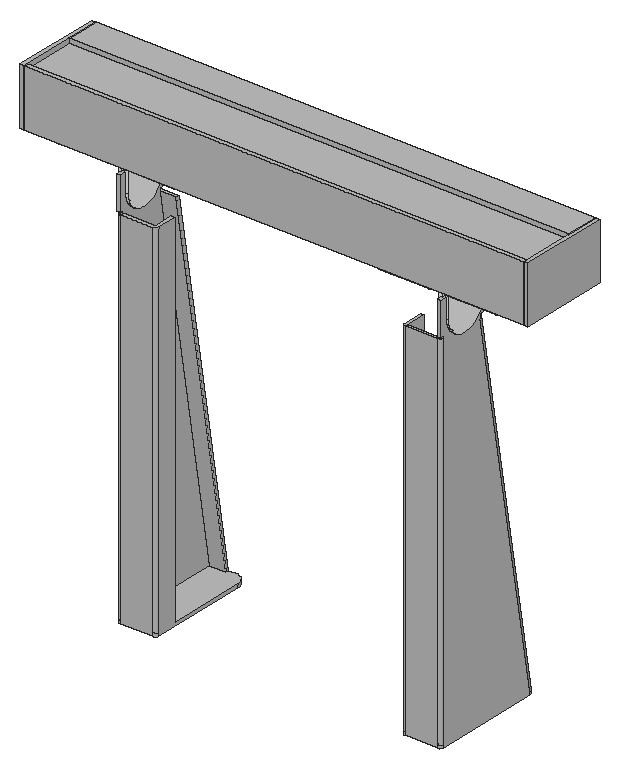
Revit family "4070741+4070747+4070772 Feilo Sylvania Lighting Fixtures CURSUS 306MM 192LM WIDE LED 4K with SINGLE WALL HOUSING with 250MM WALL BRACKET", category Lighting Fixtures, host Face, Revit 2017
Family settings
  Host = Face
  Round Connector Dimension = Use Diameter
  Part Type = Normal
  OmniClass Number = 23.80.70.14
  OmniClass Title = Luminaries for External Lighting
  Cut with Voids When Loaded = Yes
  Light Source = No
  Shared = No
  Room Calculation Point = No
Parameters (values of type "4070741 CURSUS 306MM 192LM WIDE LED 4K")
  Weight = "0.6 kg"
  Wattage Comments = "n/a"
  WarrantyStartDate [instance] = "n/a"
  WarrantyGuarantorParts = "n/a"
  WarrantyDurationUnit = "n/a"
  WarrantyDurationParts = "n/a"
  WarrantyDescription = "n/a"
  Voltage = 24 V
  URL = "http://www.sylvania-lighting.com"
  TypeName = "CURSUS 306MM 192LM WIDE LED 4K"
  TypeFixture_FEILO = CURSUS with SINGLE WALL HOUSING : CURSUS 306MM 192LM WIDE LED 4K
  Type Image = <None>
  Type Comments = "n/a"
  TiltAngle [instance] = 0.00°
  StartAngle [instance] = TiltAngle + 270.00°  # 270.00°
  SerialNumber [instance] = "n/a"
  ReflectorMaterial = none
  PowerFactor = 0
  PowerConsumption = "4.5 W"
  NominalLength = 306 mm
  NominalHeight = 50 mm
  NominalDepth = 30 mm
  Name = "CURSUS 306MM 192LM WIDE LED 4K"
  ModelReference = Name  # "CURSUS 306MM 192LM WIDE LED 4K"
  ModelNumber = "4070741"
  Model = Name  # "CURSUS 306MM 192LM WIDE LED 4K"
  Material = "natural anodised extruded aluminium structure housing"
  ManufacturerName = "Feilo Sylvania"
  Manufacturer = "Feilo Sylvania"
  LuminousEfficacy = "42.66 lm/W"
  LuminaireType = ""
  LightOutputRatio = "100"
  LampsType = Lamp  # "LED"
  LampNominalLuminous = "192 lm"
  LampMacAdamStep = "n/a"
  LampColourTemperature = "4000 K"
  LampColourRenderingIndex = "80"
  Lamp = "LED"
  Keynote = "16500"
  InstallationDate [instance] = "n/a"
  InputVoltage = "24V DC"
  InputNominalFrequency = "n/a"
  IngressProtection = "IP67"
  ImpactProtectionIndex = "IK07"
  IfcExportType = "IfcLightFixtureType"
  IfcExportAs = "IfcLightFixtureType"
  ExpectedLife = 50000
  EndAngle [instance] = StartAngle - 180.00°  # 90.00°
  ElectricShockClassification = "Class III"
  DurationUnit = "hours"
  DocumentationLiterature = "http://www.sylvania-lighting.com/product/en-int/products/4070741"
  DimmingControlOptions = "n/a"
  DiffuserMaterial = Diffuser-Sylvania-Glow
  Description = "LED Exterior Lighting Recessed Surface Mounted Linear Fixture, Natural anodised extruded aluminium structure. Die-cast aluminium end caps. Installation kit with harmonic steel springs., 192 lm, 4,5W,  42lm/W, 4000K, CRI80+,non dimmable,IP67, IK07, (HxWxD) 306x50x30mm, 3 step Mac Adam Ellipse, 0.6kg,, Classe III, 21-25V-DC, energy class : A++, A+, A"
  Default Elevation = 1219.2 mm
  CreatedOn = "1/8/2018"
  CreatedBy = ""
  Cost = 0
  built-in parameter 1114216 [instance] = (empty or 0)
  ClassificationValue = "EF_70_80"
  ClassificationName = "Uniclass2015"
  BracketWidth = 24 mm
  BracketThickness = 2 mm
  BracketHeightEnd = 32 mm
  BracketHeight = 70 mm
  BracketFlange = BracketHeight / 5  # 14 mm
  BracketExtension = 250 mm
  BracketEndReduction = 25 mm
  BracketC = 22 mm  # constant formula
  BracketDistance = 175 mm
  BracketD = BracketHeightEnd - (BracketC * (BracketHeight - BracketHeightEnd) / (BracketExtension - BracketEndReduction))  # 28.284 mm
  BodyMaterial = Body-Sylvania-Gray
  BarCode [instance] = "n/a"
  AssetType = "Fixed"
  AssetIdentifier [instance] = "n/a"
  Assembly Code = "D5020200"
  Apparent Load = 4.5 VA
  AccessoryMaterial = Diffuser-Sylvania-Glow
Reference planes
  plane 1 "Center (Front/Back)": y = 0
  plane 2: z = 0
  plane 3 "Center (Left/Right)": x = 0
  plane 4: x = -99.5
  plane 5: x = 99.5
  plane 6: y = 70
  plane 7: x = -75.5
  plane 8: x = 75.5
  plane 9: z = 250
  plane 10: z = 236
  plane 11: z = 2
  plane 12: z = 225
  plane 13: x = -97.5
  plane 14: y = 68
  plane 15: y = 2
  plane 16: x = -77.5
  plane 17: x = 77.5
  plane 18: x = 97.5
  plane 19: x = -87.5
  plane 20: x = 87.5
  plane 21: y = 14
  plane 22: y = 32
  plane 23: y = 30
  plane 24: z = 247
  plane 25: y = 28.284
  plane 26: y = 16
Forms (mm)
  Blend 1, solid, material "Body-Sylvania-Gray" <- "BodyMaterial"
    base sketch origin (1223.4, -4572, 2) x (0, -1, 0) y (1, 0, 0)
      loop
        line (-4640, -1310.9) -> (-4642, -1310.9) -> (-4642, -1320.9)
        arc (-4642, -1320.9) -> (-4641.414, -1322.314) -> (-4640, -1322.9) r 2
        line (-4640, -1322.9) -> (-4574, -1322.9)
        arc (-4574, -1322.9) -> (-4572.586, -1322.314) -> (-4572, -1320.9) r 2
        line (-4572, -1320.9) -> (-4572, -1300.9)
        arc (-4572, -1300.9) -> (-4572.586, -1299.486) -> (-4574, -1298.9) r 2
        line (-4574, -1298.9) -> (-4586, -1298.9) -> (-4586, -1300.9) -> (-4574, -1300.9) -> (-4574, -1320.9) -> (-4640, -1320.9) -> (-4640, -1310.9)
    top sketch origin (1223.4, -4572, 2) x (0, -1, 0) y (1, 0, 0)
      loop
        line (-4586, -1300.9) -> (-4574, -1300.9) -> (-4574, -1320.9) -> (-4602, -1320.9) -> (-4602, -1310.9) -> (-4604, -1310.9) -> (-4604, -1320.9)
        arc (-4604, -1320.9) -> (-4603.52, -1322.21) -> (-4602.309, -1322.9) r 2.028
        line (-4602.309, -1322.9) -> (-4574, -1322.9)
        arc (-4574, -1322.9) -> (-4572.586, -1322.314) -> (-4572, -1320.9) r 2
        line (-4572, -1320.9) -> (-4572, -1300.9)
        arc (-4572, -1300.9) -> (-4572.586, -1299.486) -> (-4574, -1298.9) r 2
        line (-4574, -1298.9) -> (-4586, -1298.9) -> (-4586, -1300.9)
    from 0 to 223
  Extrusion 2, solid, material "Body-Sylvania-Gray" <- "BodyMaterial"
    sketch origin (0, 0, 0) x (1, 0, 0) y (0, 1, 0)
      loop
        arc (-97.5, 70) -> (-98.914, 69.414) -> (-99.5, 68) r 2
        line (-99.5, 68) -> (-99.5, 2)
        arc (-99.5, 2) -> (-98.914, 0.586) -> (-97.5, 0) r 2
        line (-97.5, 0) -> (-77.5, 0)
        arc (-77.5, 0) -> (-76.086, 0.586) -> (-75.5, 2) r 2
        line (-75.5, 2) -> (-75.5, 62.5)
        arc (-75.5, 62.5) -> (-77.697, 67.803) -> (-83, 70) r 7.5
        line (-83, 70) -> (-97.5, 70)
      loop
        line (97.5, 70) -> (83, 70)
        arc (83, 70) -> (77.697, 67.803) -> (75.5, 62.5) r 7.5
        line (75.5, 62.5) -> (75.5, 2)
        arc (75.5, 2) -> (76.086, 0.586) -> (77.5, 0) r 2
        line (77.5, 0) -> (97.5, 0)
        arc (97.5, 0) -> (98.914, 0.586) -> (99.5, 2) r 2
        line (99.5, 2) -> (99.5, 68)
        arc (99.5, 68) -> (98.914, 69.414) -> (97.5, 70) r 2
    from 0 to 2
  Blend 3, solid, material "Body-Sylvania-Gray" <- "BodyMaterial"
    base sketch origin (1223.4, -4572, 2) x (0, -1, 0) y (1, 0, 0)
      loop
        line (-4640, -1125.9) -> (-4574, -1125.9) -> (-4574, -1145.9) -> (-4586, -1145.9) -> (-4586, -1147.9) -> (-4574, -1147.9)
        arc (-4574, -1147.9) -> (-4572.586, -1147.314) -> (-4572, -1145.9) r 2
        line (-4572, -1145.9) -> (-4572, -1125.9)
        arc (-4572, -1125.9) -> (-4572.586, -1124.486) -> (-4574, -1123.9) r 2
        line (-4574, -1123.9) -> (-4640, -1123.9)
        arc (-4640, -1123.9) -> (-4641.414, -1124.486) -> (-4642, -1125.9) r 2
        line (-4642, -1125.9) -> (-4642, -1135.9) -> (-4640, -1135.9) -> (-4640, -1125.9)
    top sketch origin (1223.4, -4572, 2) x (0, -1, 0) y (1, 0, 0)
      loop
        line (-4602, -1135.9) -> (-4602, -1125.9) -> (-4574, -1125.9) -> (-4574, -1145.9) -> (-4586, -1145.9) -> (-4586, -1147.9) -> (-4574, -1147.9)
        arc (-4574, -1147.9) -> (-4572.586, -1147.314) -> (-4572, -1145.9) r 2
        line (-4572, -1145.9) -> (-4572, -1125.9)
        arc (-4572, -1125.9) -> (-4572.586, -1124.486) -> (-4574, -1123.9) r 2
        line (-4574, -1123.9) -> (-4602, -1123.9)
        arc (-4602, -1123.9) -> (-4603.414, -1124.486) -> (-4604, -1125.9) r 2
        line (-4604, -1125.9) -> (-4604, -1135.9) -> (-4602, -1135.9)
    from 0 to 223
  Blend 4, solid, material "Body-Sylvania-Gray" <- "BodyMaterial"
    base sketch origin (1223.4, -4572, 225) x (0, -1, 0) y (1, 0, 0)
      loop
        line (-4604, -1322.9) -> (-4572, -1322.9) -> (-4572, -1320.9) -> (-4604, -1320.9) -> (-4604, -1322.9)
    top sketch origin (1223.4, -4572, 225) x (0, -1, 0) y (1, 0, 0)
      loop
        line (-4572, -1322.9) -> (-4572, -1320.9) -> (-4600.284, -1320.9) -> (-4600.284, -1322.9) -> (-4572, -1322.9)
    from 0 to 22
  Blend 5, solid, material "Body-Sylvania-Gray" <- "BodyMaterial"
    base sketch origin (1223.4, -4572, 225) x (0, -1, 0) y (1, 0, 0)
      loop
        line (-4604, -1125.9) -> (-4572, -1125.9) -> (-4572, -1123.9) -> (-4604, -1123.9) -> (-4604, -1125.9)
    top sketch origin (1223.4, -4572, 225) x (0, -1, 0) y (1, 0, 0)
      loop
        line (-4572, -1123.9) -> (-4600.284, -1123.9) -> (-4600.284, -1125.9) -> (-4572, -1125.9) -> (-4572, -1123.9)
    from 0 to 22
  Extrusion 6, void
    sketch origin (0, 0, 0) x (0, 1, 0) y (0, 0, 1)
      loop
        line (0, 225) -> (2, 225) -> (2, 226.5) -> (0, 226.5) -> (0, 225)
      loop
        line (32, 225) -> (32, 226.5) -> (30, 226.5) -> (30, 225) -> (32, 225)
    from -99.5 to 99.5
  Revolve 7, solid, not visible
    sketch origin (1524, 16, 1219.2) x (1, 0, 0) y (0, 0, 1)
      loop
        line (-1524, -972.2) -> (-1524, -983.2) -> (-1436.5, -983.2) -> (-1436.5, -972.2) -> (-1524, -972.2)
      axis (-1436.5, -983.2) -> (-1524, -983.2)
    angle from 270 <- "StartAngle" to 90 <- "EndAngle"
Cuts and joins
  Extrusion 6 cuts Blend 4
  Extrusion 6 cuts Blend 5
  joined: Blend 1, Extrusion 2, Blend 3, Blend 4, Blend 5
Lines and regions (mm)
  reference lines, not visible
    curve 1: line (-75.5, 16, 236) -> (75.5, 16, 236)
Dimensions and locks
  equal spacing: plane 4, plane 3 "Center (Left/Right)", plane 5
  "BracketDistance": plane 19 to plane 20
  "BracketHeight": plane 1 "Center (Front/Back)" to plane 6
  equal spacing: plane 7, plane 3 "Center (Left/Right)", plane 8
  "BracketWidth": plane 4 to plane 7
  "BracketExtension": plane 9 to plane 2
  "BracketThickness": plane 11 to plane 2
  "BracketEndReduction": plane 9 to plane 12
  equal spacing: plane 13, plane 3 "Center (Left/Right)", plane 18
  equal spacing: plane 16, plane 3 "Center (Left/Right)", plane 17
  "BracketThickness": plane 4 to plane 13
  "BracketThickness": plane 16 to plane 7
  "BracketThickness": plane 14 to plane 6
  "BracketThickness": plane 1 "Center (Front/Back)" to plane 15
  equal spacing: plane 4, plane 19, plane 7
  equal spacing: plane 8, plane 20, plane 5
  "BracketFlange": plane 1 "Center (Front/Back)" to plane 21
  "BracketHeightEnd": plane 1 "Center (Front/Back)" to plane 22
  "BracketThickness": plane 23 to plane 22
  locked: Extrusion 2 sketch curve to plane 7 at 7.5
  locked: Extrusion 2 sketch curve to plane 6 at 7.5  (x2)
  locked: plane 8 to Extrusion 2 sketch curve at 7.5
  "BracketC": plane 24 to plane 12
  "BracketD": plane 1 "Center (Front/Back)" to plane 25
  locked: plane 12 to Extrusion 6 sketch curve at 1.5
  equal spacing: plane 24, plane 10, plane 12
  equal spacing: plane 1 "Center (Front/Back)", plane 26, plane 22
  aligned and locked: plane 2 to host face
  aligned and locked: level to host face
  aligned and locked: plane 4 to Blend 1 sketch curve  (x2)
  aligned and locked: plane 13 to Blend 1 sketch curve  (x3)
  aligned and locked: Blend 1 sketch curve to plane 15
  aligned and locked: Blend 1 sketch curve to plane 16
  aligned and locked: Blend 1 sketch curve to plane 21
  aligned and locked: plane 7 to Blend 1 sketch curve
  aligned and locked: plane 16 to Blend 1 sketch curve
  aligned and locked: plane 1 "Center (Front/Back)" to Blend 1 sketch curve
  aligned and locked: plane 14 to Blend 1 sketch curve
  aligned and locked: Blend 1 sketch curve to var sketch  (x6)
  aligned and locked: Blend 1 sketch curve to plane 19
  aligned and locked: Blend 1 sketch curve to plane 22
  aligned and locked: plane 23 to Blend 1 sketch curve
  aligned and locked: plane 11 to Blend 1
  aligned and locked: Extrusion 2 sketch curve to Blend 1  (x3)
  aligned and locked: Extrusion 2 to level
  aligned and locked: Extrusion 2 to plane 11
  aligned and locked: Extrusion 2 sketch curve to plane 7
  aligned and locked: plane 18 to Blend 3 sketch curve  (x4)
  aligned and locked: plane 14 to Blend 3 sketch curve  (x2)
  aligned and locked: Blend 3 sketch curve to plane 20
  aligned and locked: Blend 3 sketch curve to plane 6
  aligned and locked: plane 5 to Blend 3 sketch curve
  aligned and locked: plane 1 "Center (Front/Back)" to Blend 3 sketch curve
  aligned and locked: plane 15 to Blend 3 sketch curve  (x2)
  aligned and locked: Blend 3 sketch curve to plane 8
  aligned and locked: Blend 3 sketch curve to plane 21
  aligned and locked: plane 17 to Blend 3 sketch curve
  aligned and locked: Blend 3 sketch curve to plane 18
  aligned and locked: plane 20 to Blend 3 sketch curve  (x2)
  aligned and locked: Blend 3 sketch curve to plane 23
  aligned and locked: Blend 3 sketch curve to var sketch  (x8)
  aligned and locked: var sketch to Blend 3 sketch curve
  aligned and locked: plane 22 to Blend 3 sketch curve
  aligned and locked: plane 11 to Blend 3
  aligned and locked: Extrusion 2 sketch curve to Blend 3  (x4)
  aligned and locked: Blend 1 to plane 12
  aligned and locked: Blend 3 to plane 12
  aligned and locked: Blend 4 sketch curve to plane 22
  aligned and locked: Blend 4 sketch curve to cut or joined group of Blend 1, Extrusion 2, Blend 3, Blend 4, Blend 5, Extrusion 6  (x2)
  aligned and locked: cut or joined group of Blend 1, Extrusion 2, Blend 3, Blend 4, Blend 5, Extrusion 6 to Blend 4 sketch curve
  aligned and locked: Blend 4 sketch curve to var sketch  (x2)
  aligned and locked: Blend 4 sketch curve to plane 13
  aligned and locked: Blend 4 to plane 24
  aligned and locked: Blend 4 sketch curve to plane 25
  aligned and locked: Blend 5 sketch curve to plane 18  (x2)
  aligned and locked: plane 1 "Center (Front/Back)" to Blend 5 sketch curve
  aligned and locked: plane 5 to Blend 5 sketch curve
  aligned and locked: plane 22 to Blend 5 sketch curve
  aligned and locked: Blend 5 sketch curve to var sketch
  aligned and locked: var sketch to Blend 5 sketch curve
  aligned and locked: Blend 5 sketch curve to plane 25
  aligned and locked: Blend 5 to plane 24
  aligned and locked: plane 12 to Blend 5
  aligned and locked: Extrusion 6 sketch curve to cut or joined group of Blend 1, Extrusion 2, Blend 3, Blend 4, Blend 5, Extrusion 6  (x2)
  aligned and locked: Extrusion 6 sketch curve to Extrusion 6 sketch curve
  aligned and locked: Extrusion 6 sketch curve to plane 15
  aligned and locked: plane 5 to Extrusion 6
  aligned and locked: Extrusion 6 to plane 4
  aligned and locked: Extrusion 6 sketch curve to plane 23
  aligned and locked: Revolve 7 sketch curve to plane 10  (x2)
  aligned and locked: plane 24 to Revolve 7 sketch curve
  aligned and locked: plane 3 "Center (Left/Right)" to Revolve 7 sketch curve
  aligned and locked: Revolve 7 sketch curve to plane 20
  aligned and locked: plane 7 to curve 1
  aligned and locked: plane 10 to curve 1
  aligned and locked: nested 1 to plane 5
  aligned and locked: nested 2 to plane 4
  aligned and locked: nested 1 to curve 1
  aligned and locked: nested 2 to curve 1
  aligned and locked: nested 1 to nested 3
  aligned and locked: nested 3 to plane 3 "Center (Left/Right)"
Automatic sketch dimensions
  host sketch curve to host sketch curve = 2438.4 mm  (x2)
  Blend 1 sketch curve to plane 13 = 0 mm
  plane 15 to Blend 1 sketch curve = 0 mm  (x3)
  Blend 1 sketch curve to plane 23 = 0.309 mm
  plane 6 to Blend 1 sketch curve = 0 mm
  plane 14 to Blend 1 sketch curve = 0 mm
  Blend 1 sketch curve to plane 19 = 0 mm
  Blend 3 sketch curve to plane 17 = 0 mm
  Extrusion 6 sketch curve to plane 1 "Center (Front/Back)" = 0 mm
  plane 12 to Extrusion 6 sketch curve = 0 mm
  Revolve 7 sketch curve to plane 4 = 1153 mm
  plane 5 to Revolve 7 sketch curve = 1161.4 mm
  curve 1 to plane 8 = 0 mm
Nested families
  nested 1: "MountingPlate" at (98.5, 16, 236) x (-1, 0, 0) z (0, 0, 1), type "MountingPlate"
  nested 2: "MountingPlate" at (-98.5, 16, 236) x (-1, 0, 0) z (0, 0, 1), type "MountingPlate"
  nested 3: "CURSUS with SINGLE WALL HOUSING" at (0, -4, 254) x (-1, 0, 0) z (0, 0, 1), type <- "TypeFixture_FEILO", type "CURSUS 306MM 192LM WIDE LED 4K"
    with WarrantyStartDate "n/a", SerialNumber "n/a", InstallationDate "n/a", EndCapRight yes, EndCapLeft yes, built-in parameter 1114216 (empty or 0), BarCode "n/a", AssetIdentifier "n/a"
Connectors
  electrical at (0, 0, 0), driven by "Voltage", driven by "Apparent Load", driven by "PowerFactor"
    settings: index 1, voltage 24 V, apparent load 4.5 VA, apparent load phase1 0 VA, apparent load phase2 0 VA, apparent load phase3 0 VA, power factor 0, load classification "Other", number of poles 1, system type 30, power factor state 1, is connector primary yes, connector utility no, sub classification motor no, connector description ""
Definition of nested family "MountingPlate"
  Parameters (values of type "MountingPlate")
    URL = "http://www.feilosylvania.com"
    Type Comments = "n/a"
    ReflectorMaterial = none
    MountingPlateWidth = 76 mm
    MountingPlateThickness = 2 mm
    MountingPlateRadiusBack = 12 mm
    MountingPlateRadius = 3 mm
    MountingPlateHeight = 35 mm
    Model = "n/a"
    Manufacturer = "Feilo Sylvania"
    Keynote = "n/a"
    DiffuserMaterial = none
    Description = "n/a"
    Default Elevation = 1219.2 mm
    Cost = 0
    BodyMaterial = none
    Assembly Code = "n/a"
    AccessoryMaterial = none
  Reference planes
    plane 1 "Center (Front/Back)": y = 0
    plane 2: z = 0
    plane 3 "Center (Left/Right)": x = 0
    plane 4: x = -38
    plane 5: x = 38
    plane 6: y = 17.5
    plane 7: y = -17.5
    plane 8: x = -3
    plane 9: x = 3
    plane 10: z = 18
    plane 11: z = 16
    plane 12: y = 12.5
    plane 13: y = -12.5
    plane 14: x = -1
    plane 15: x = 1
    plane 16: z = -12.5
    plane 17: z = -14.5
  Forms (mm)
    Extrusion 1, solid
      sketch origin (1.653, 0, 0) x (1, 0, 0) y (0, 1, 0)
        loop
          line (-1219.2, 1219.2) -> (-1219.2, -1219.2) -> (1219.2, -1219.2) -> (1219.2, 1219.2) -> (-1219.2, 1219.2)
      from 0 to -304.8
    Extrusion 2, solid, material <- "BodyMaterial"
      sketch origin (1218.4, -4572, 16) x (0, -1, 0) y (-1, 0, 0)
        loop
          line (-4589.5, 1253.4) -> (-4589.5, 1224.4)
          arc (-4589.5, 1224.4) -> (-4588.621, 1222.279) -> (-4586.5, 1221.4) r 3
          line (-4586.5, 1221.4) -> (-4557.5, 1221.4)
          arc (-4557.5, 1221.4) -> (-4555.379, 1222.279) -> (-4554.5, 1224.4) r 3
          line (-4554.5, 1224.4) -> (-4554.5, 1253.4)
          arc (-4554.5, 1253.4) -> (-4555.379, 1255.521) -> (-4557.5, 1256.4) r 3
          line (-4557.5, 1256.4) -> (-4586.5, 1256.4)
          arc (-4586.5, 1256.4) -> (-4588.621, 1255.521) -> (-4589.5, 1253.4) r 3
        loop
          arc (-4589.5, 1183.4) -> (-4588.621, 1181.279) -> (-4586.5, 1180.4) r 3
          line (-4586.5, 1180.4) -> (-4557.5, 1180.4)
          arc (-4557.5, 1180.4) -> (-4555.379, 1181.279) -> (-4554.5, 1183.4) r 3
          line (-4554.5, 1183.4) -> (-4554.5, 1212.4)
          arc (-4554.5, 1212.4) -> (-4555.379, 1214.521) -> (-4557.5, 1215.4) r 3
          line (-4557.5, 1215.4) -> (-4586.5, 1215.4)
          arc (-4586.5, 1215.4) -> (-4588.621, 1214.521) -> (-4589.5, 1212.4) r 3
          line (-4589.5, 1212.4) -> (-4589.5, 1183.4)
      from 0 to -2
    Extrusion 3, solid, material <- "BodyMaterial"
      sketch origin (0, 0, 0) x (1, 0, 0) y (0, 0, 1)
        loop
          line (-3, 18) -> (-3, -12.5) -> (-1, -12.5) -> (-1, 16)
          arc (-1, 16) -> (-1.586, 17.414) -> (-3, 18) r 2
        loop
          line (3, -12.5) -> (3, 18)
          arc (3, 18) -> (1.586, 17.414) -> (1, 16) r 2
          line (1, 16) -> (1, -12.5) -> (3, -12.5)
      from -12.5 to 12.5
    Extrusion 4, void
      sketch origin (0, 0, 0) x (0, 1, 0) y (0, 0, 1)
        loop
          line (-12.5, -0.5) -> (-17.5, -0.5) -> (-17.5, -14.5) -> (-0.5, -14.5) -> (-0.5, -12.5)
          arc (-0.5, -12.5) -> (-8.985, -8.985) -> (-12.5, -0.5) r 12
        loop
          line (0.5, -12.5) -> (0.5, -14.5) -> (17.5, -14.5) -> (17.5, -0.5) -> (12.5, -0.5)
          arc (12.5, -0.5) -> (8.985, -8.985) -> (0.5, -12.5) r 12
      from -3 to 3
  Cuts and joins
    Extrusion 4 cuts Extrusion 2
    Extrusion 4 cuts Extrusion 3
    joined: Extrusion 2, Extrusion 3
  Lines and regions (mm)
    reference lines
      curve 1: line (-38, 0, 0) -> (38, 0, 0)
  Dimensions and locks
    equal spacing: plane 4, plane 3 "Center (Left/Right)", plane 5
    "MountingPlateWidth": plane 4 to plane 5
    equal spacing: plane 7, plane 1 "Center (Front/Back)", plane 6
    "MountingPlateHeight": plane 7 to plane 6
    equal spacing: plane 8, plane 3 "Center (Left/Right)", plane 9
    "MountingPlateHeight": plane 4 to plane 8
    locked: plane 10 to plane 2 at 18
    "MountingPlateThickness": plane 10 to plane 11
    equal spacing: plane 13, plane 1 "Center (Front/Back)", plane 12
    locked: plane 13 to plane 12 at 25
    "MountingPlateRadius": plane 4 to Extrusion 2 sketch curve  (x2)
    "MountingPlateRadius": Extrusion 2 sketch curve to plane 6  (x4)
    "MountingPlateRadius": Extrusion 2 sketch curve to plane 8  (x2)
    "MountingPlateRadius": plane 7 to Extrusion 2 sketch curve  (x4)
    "MountingPlateRadius": plane 9 to Extrusion 2 sketch curve  (x2)
    "MountingPlateRadius": Extrusion 2 sketch curve to plane 5  (x2)
    equal spacing: plane 15, plane 3 "Center (Left/Right)", plane 14
    "MountingPlateThickness": plane 14 to plane 8
    locked: plane 2 to plane 16 at 12.5
    locked: plane 17 to plane 16 at 2
    "MountingPlateRadiusBack": plane 13 to Extrusion 4 sketch curve
    "MountingPlateRadiusBack": plane 16 to Extrusion 4 sketch curve  (x2)
    "MountingPlateRadiusBack": Extrusion 4 sketch curve to plane 12
    aligned and locked: plane 2 to Extrusion 1
    aligned and locked: level to Extrusion 1
    aligned and locked: Extrusion 2 sketch curve to plane 6
    aligned and locked: Extrusion 2 sketch curve to plane 4
    aligned and locked: plane 7 to Extrusion 2 sketch curve
    aligned and locked: plane 8 to Extrusion 2 sketch curve
    aligned and locked: plane 6 to Extrusion 2 sketch curve
    aligned and locked: Extrusion 2 sketch curve to plane 5
    aligned and locked: Extrusion 2 sketch curve to plane 7
    aligned and locked: plane 9 to Extrusion 2 sketch curve
    aligned and locked: Extrusion 2 to plane 10
    aligned and locked: plane 11 to Extrusion 2
    aligned and locked: Extrusion 3 sketch curve to Extrusion 2  (x2)
    aligned and locked: plane 16 to Extrusion 3 sketch curve  (x2)
    aligned and locked: plane 14 to Extrusion 3 sketch curve
    aligned and locked: plane 9 to Extrusion 3 sketch curve
    aligned and locked: plane 15 to Extrusion 3 sketch curve
    aligned and locked: Extrusion 3 to plane 12
    aligned and locked: plane 13 to Extrusion 3
    aligned and locked: plane 17 to Extrusion 4 sketch curve  (x2)
    aligned and locked: Extrusion 4 sketch curve to plane 7
    aligned and locked: Extrusion 4 sketch curve to plane 6
    aligned and locked: plane 9 to Extrusion 4
    aligned and locked: Extrusion 4 to plane 8
    aligned and locked: plane 4 to curve 1
    aligned and locked: curve 1 to level
  Automatic sketch dimensions
    Extrusion 1 sketch curve to Extrusion 1 sketch curve = 2438.4 mm  (x2)
    Extrusion 3 sketch curve to plane 11 = 0 mm
    curve 1 to plane 5 = 0 mm
    Extrusion 4 sketch curve to plane 13 = 0 mm
    Extrusion 4 sketch curve to plane 12 = 0 mm
Definition of nested family "CURSUS with SINGLE WALL HOUSING"
  Parameters (values of type "CURSUS 1161MM 827LM OVAL LED 3K")
    Width_FEILO = 35 mm
    Weight = "2.2 kg"
    Wattage Comments = "n/a"
    Wattage = 18 W
    WarrantyStartDate [instance] = "n/a"
    WarrantyGuarantorParts = "n/a"
    WarrantyDurationUnit = "n/a"
    WarrantyDurationParts = "n/a"
    WarrantyDescription = "n/a"
    WallThickness_FEILO = 2.5 mm
    built-in parameter 1150110 = 1 (stored number, unit not read)
    Voltage = 24 V
    URL = "http://www.feilosylvania.com"
    TypeName = "CURSUS 1161MM 827LM OVAL LED 3K"
    Type Image = (empty or 0)
    Type Comments = "n/a"
    built-in parameter 1114217 = 1 (stored number, unit not read)
    Tilt Angle = -90.00°
    built-in parameter 1150109 = 1 (stored number, unit not read)
    built-in parameter 1150134 = (empty or 0)
    built-in parameter 1150113 = 1 (stored number, unit not read)
    SerialNumber [instance] = "n/a"
    ReflectorMaterial = none
    PowerFactor = 0
    PowerConsumption = "18 W"
    Photometric Web File = "4070765.ies"
    NominalLength = 1161 mm
    NominalHeight = 50 mm
    NominalDepth = 30 mm
    Name = "CURSUS 1161MM 827LM OVAL LED 3K"
    ModelReference = Name  # "CURSUS 1161MM 827LM OVAL LED 3K"
    ModelNumber = ""
    Model = Name  # "CURSUS 1161MM 827LM OVAL LED 3K"
    Material = "natural anodised extruded aluminium structure housing, optical system with pmma lenses diffuser"
    ManufacturerName = "Feilo Sylvania"
    Manufacturer = "Feilo Sylvania"
    LuminousEfficacy = "45.94 lm/W"
    built-in parameter 1150105 = 1166.5 (stored number, unit not read)
    Lumens = 827 lm
    LuminaireType = ""
    built-in parameter 1150115 = 1 (stored number, unit not read)
    LightOutputRatio = "100"
    built-in parameter 1150137 = (empty or 0)
    built-in parameter 1150139 = (empty or 0)
    Length_FEILO = 1167 mm
    LampsType = Lamp  # "LED"
    LampNominalLuminous = "827 lm"
    LampMacAdamStep = "n/a"
    LampColourTemperature = "3000 K"
    LampColourRenderingIndex = "80"
    built-in parameter 1150112 = 1 (stored number, unit not read)
    built-in parameter 1150114 = 1 (stored number, unit not read)
    Lamp = "LED"
    Keynote = "16500"
    InstallationDate [instance] = "n/a"
    InputVoltage = "24V DC"
    InputNominalFrequency = "n/a"
    built-in parameter 1150132 = (empty or 0)
    built-in parameter 1150102 = (empty or 0)
    built-in parameter 1150107 = 3000 (stored number, unit not read)
    built-in parameter 1150138 = (empty or 0)
    IngressProtection = "IP67"
    ImpactProtectionIndex = "IK07"
    built-in parameter 1150106 = 11.665 (stored number, unit not read)
    IfcExportType = "IfcLightFixtureType"
    IfcExportAs = "IfcLightFixtureType"
    ExpectedLife = 50000
    EndCapRight [instance] = yes
    EndCapLeft [instance] = yes
    Emit from Rectangle Width = Width_FEILO - WallThickness_FEILO * 2  # 30 mm
    Emit from Rectangle Length = Length_FEILO - WallThickness_FEILO * 2  # 1162 mm
    Emit Shape Visible in Rendering = no
    ElectricShockClassification = "Class III"
    built-in parameter 1150104 = 4.2684 (stored number, unit not read)
    DurationUnit = "hours"
    DocumentationLiterature = "http://www.feilosylvania.com/product/en-int/products/4070765"
    DimmingControlOptions = "n/a"
    Dimming Lamp Color Temperature Shift = (empty or 0)
    DiffuserMaterial = none
    Description = "LED Exterior Lighting Recessed Surface Mounted Linear Fixture, Natural anodised extruded aluminium structure. Die-cast aluminium end caps. Installation kit with harmonic steel springs., 827 lm, 18W, 45lm/W, 3000K, CRI80+,non dimmable,IP67, IK07, (HxWxD) 1161x50x30mm, 3 step Mac Adam Ellipse, 2.2kg,, Classe III, 21-25V-DC, energy class : A++, A+, A"
    Default Elevation = 1219.2 mm
    CreatedOn = "1/8/2018"
    CreatedBy = "aron.fodor@feilosylvania.com"
    Cost = 0
    Color Filter = 16777215
    built-in parameter 1114216 [instance] = (empty or 0)
    ClassificationValue = "EF_70_80"
    ClassificationName = "Uniclass2015"
    BodyMaterial = none
    BarCode [instance] = "n/a"
    built-in parameter 1114218 = 1 (stored number, unit not read)
    built-in parameter 1150133 = 10 (stored number, unit not read)
    AssetType = "Fixed"
    AssetIdentifier [instance] = "n/a"
    Assembly Code = "D5020200"
    Apparent Load = 18 VA
    AccessoryMaterial = none
  Types (16, lengths in mm): name | Weight | Wattage | Voltage | TypeName | built-in parameter 1150134 | PowerConsumption | Photometric Web File | NominalLength | Name | ModelReference | Model | Material | LuminousEfficacy | built-in parameter 1150105 | Lumens | Length_FEILO | LampNominalLuminous | LampColourTemperature | InputVoltage | InputNominalFrequency | built-in parameter 1150107 | built-in parameter 1150106 | Emit from Rectangle Length | built-in parameter 1150104 | DocumentationLiterature | Description | Apparent Load
    CURSUS 1161MM 827LM OVAL LED 3K | "2.2 kg" | 18 W | 24 V | "CURSUS 1161MM 827LM OVAL LED 3K" | (empty or 0) | "18 W" | "4070765.ies" | 1161 | "CURSUS 1161MM 827LM OVAL LED 3K" | "CURSUS 1161MM 827LM OVAL LED 3K" | "CURSUS 1161MM 827LM OVAL LED 3K" | "natural anodised extruded aluminium structure housing, optical system with pmma lenses diffuser" | "45.94 lm/W" | 1166.5 (stored number, unit not read) | 827 lm | 1167 | "827 lm" | "3000 K" | "24V DC" | "n/a" | 3000 (stored number, unit not read) | 11.665 (stored number, unit not read) | 1162 | 4.2684 (stored number, unit not read) | "http://www.feilosylvania.com/product/en-int/products/4070765" | "LED Exterior Lighting Recessed Surface Mounted Linear Fixture, Natural anodised extruded aluminium structure. Die-cast aluminium end caps. Installation kit with harmonic steel springs., 827 lm, 18W, 45lm/W, 3000K, CRI80+,non dimmable,IP67, IK07, (HxWxD) 1161x50x30mm, 3 step Mac Adam Ellipse, 2.2kg,, Classe III, 21-25V-DC, energy class : A++, A+, A" | 18 VA
    CURSUS 1161MM 731LM WIDE LED 3K | "2.2 kg" | 18 W | 230 V | "CURSUS 1161MM 731LM WIDE LED 3K" | (empty or 0) | "18 W" | "4070764.ies" | 1161 | "CURSUS 1161MM 731LM WIDE LED 3K" | "CURSUS 1161MM 731LM WIDE LED 3K" | "CURSUS 1161MM 731LM WIDE LED 3K" | "natural anodised extruded aluminium structure housing" | "40.61 lm/W" | 403.47 (stored number, unit not read) | 731 lm | 1167 | "731 lm" | "3000 K" | "220-240V~" | "n/a" | 3000 (stored number, unit not read) | 4.0347 (stored number, unit not read) | 1162 | 3.7729 (stored number, unit not read) | "http://www.feilosylvania.com/product/en-int/products/4070764" | "LED Exterior Lighting Recessed Surface Mounted Linear Fixture, Natural anodised extruded aluminium structure. Die-cast aluminium end caps. Installation kit with harmonic steel springs., 731 lm, 18W, 40lm/W, 3000K, CRI80+,non dimmable,IP67, IK07, (HxWxD) 1161x50x30mm, 3 step Mac Adam Ellipse, 2.2kg,, Classe III, 21-25V-DC, energy class : A++, A+, A" | 18 VA
    CURSUS 1161MM 871LM OVAL LED 4K | "2.2 kg" | 18 W | 24 V | "CURSUS 1161MM 871LM OVAL LED 4K" | 12 | "18 W" | "4070763.ies" | 1161 | "CURSUS 1161MM 871LM OVAL LED 4K" | "CURSUS 1161MM 871LM OVAL LED 4K" | "CURSUS 1161MM 871LM OVAL LED 4K" | "natural anodised extruded aluminium structure housing, optical system with pmma lenses diffuser" | "48.38 lm/W" | 1192.8 (stored number, unit not read) | 871 lm | 1167 | "871 lm" | "4000 K" | "24V DC" | "50/60 Hz" | 4000 (stored number, unit not read) | 11.928 (stored number, unit not read) | 1162 | 4.4955 (stored number, unit not read) | "http://www.feilosylvania.com/product/en-int/products/4070763" | "LED Exterior Lighting Recessed Surface Mounted Linear Fixture, Natural anodised extruded aluminium structure. Die-cast aluminium end caps. Installation kit with harmonic steel springs., 871 lm, 18W,  48lm/W, 4000K, CRI80+,non dimmable,IP67, IK07, (HxWxD) 1161x50x30mm, 3 step Mac Adam Ellipse, 2.2kg,, Classe III, 21-25V-DC, energy class : A++, A+, A" | 18 VA
    CURSUS 1161MM 770LM WIDE LED 4K | "2.2 kg" | 18 W | 230 V | "CURSUS 1161MM 770LM WIDE LED 4K" | 12 | "18 W" | "4070762.ies" | 1161 | "CURSUS 1161MM 770LM WIDE LED 4K" | "CURSUS 1161MM 770LM WIDE LED 4K" | "CURSUS 1161MM 770LM WIDE LED 4K" | "natural anodised extruded aluminium structure housing" | "42.77 lm/W" | 424.94 (stored number, unit not read) | 770 lm | 1167 | "770 lm" | "4000 K" | "220-240V~" | "n/a" | 4000 (stored number, unit not read) | 4.2494 (stored number, unit not read) | 1162 | 3.9742 (stored number, unit not read) | "http://www.feilosylvania.com/product/en-int/products/4070762" | "LED Exterior Lighting Recessed Surface Mounted Linear Fixture, Natural anodised extruded aluminium structure. Die-cast aluminium end caps. Installation kit with harmonic steel springs., 770 lm, 18W,  42lm/W, 4000K, CRI80+,non dimmable,IP67, IK07, (HxWxD) 1161x50x30mm, 3 step Mac Adam Ellipse, 2.2kg,, Classe III, 21-25V-DC, energy class : A++, A+, A" | 18 VA
    CURSUS 876MM 620LM OVAL LED 3K | "1.7 kg" | 13.5 W | 24 V | "CURSUS 876MM 620LM OVAL LED 3K" | (empty or 0) | "13.5 W" | "4070758.ies" | 876 | "CURSUS 876MM 620LM OVAL LED 3K" | "CURSUS 876MM 620LM OVAL LED 3K" | "CURSUS 876MM 620LM OVAL LED 3K" | "natural anodised extruded aluminium structure housing, optical system with pmma lenses diffuser" | "45.92 lm/W" | 874.55 (stored number, unit not read) | 620 lm | 882 | "620 lm" | "3000 K" | "24V DC" | "50/60 Hz" | 3000 (stored number, unit not read) | 8.7455 (stored number, unit not read) | 877 | 4.2667 (stored number, unit not read) | "http://www.feilosylvania.com/product/en-int/products/4070758" | "LED Exterior Lighting Recessed Surface Mounted Linear Fixture, Natural anodised extruded aluminium structure. Die-cast aluminium end caps. Installation kit with harmonic steel springs., 620 lm, 13,5W, 45lm/W, 3000K, CRI80+,non dimmable,IP67, IK07, (HxWxD) 876x50x30mm, 3 step Mac Adam Ellipse, 1.7kg,, Classe III, 21-25V-DC, energy class : A++, A+, A" | 13.5 VA
    CURSUS 876MM 548LM WIDE LED 3K | "1.7 kg" | 13.5 W | 24 V | "CURSUS 876MM 548LM WIDE LED 3K" | (empty or 0) | "13.5 W" | "4070757.ies" | 876 | "CURSUS 876MM 548LM WIDE LED 3K" | "CURSUS 876MM 548LM WIDE LED 3K" | "CURSUS 876MM 548LM WIDE LED 3K" | "natural anodised extruded aluminium structure housing" | "40.59 lm/W" | 302.47 (stored number, unit not read) | 548 lm | 882 | "548 lm" | "3000 K" | "24V DC" | "n/a" | 3000 (stored number, unit not read) | 3.0247 (stored number, unit not read) | 877 | 3.7712 (stored number, unit not read) | "http://www.feilosylvania.com/product/en-int/products/4070757" | "LED Exterior Lighting Recessed Surface Mounted Linear Fixture, Natural anodised extruded aluminium structure. Die-cast aluminium end caps. Installation kit with harmonic steel springs., 548 lm, 13,5W, 40lm/W, 3000K, CRI80+,non dimmable,IP67, IK07, (HxWxD) 876x50x30mm, 3 step Mac Adam Ellipse, 1.7kg,, Classe III, 21-25V-DC, energy class : A++, A+, A" | 13.5 VA
    CURSUS 876MM 653LM OVAL LED 4K | "1.7 kg" | 13.5 W | 24 V | "CURSUS 876MM 653LM OVAL LED 4K" | 12 | "13.5 W" | "4070756.ies" | 876 | "CURSUS 876MM 653LM OVAL LED 4K" | "CURSUS 876MM 653LM OVAL LED 4K" | "CURSUS 876MM 653LM OVAL LED 4K" | "natural anodised extruded aluminium structure housing, optical system with pmma lenses diffuser" | "48.37 lm/W" | 894.28 (stored number, unit not read) | 653 lm | 882 | "653 lm" | "4000 K" | "24V DC" | "n/a" | 4000 (stored number, unit not read) | 8.9428 (stored number, unit not read) | 877 | 4.4938 (stored number, unit not read) | "http://www.feilosylvania.com/product/en-int/products/4070756" | "LED Exterior Lighting Recessed Surface Mounted Linear Fixture, Natural anodised extruded aluminium structure. Die-cast aluminium end caps. Installation kit with harmonic steel springs., 653 lm, 13,5W,  48lm/W, 4000K, CRI80+,non dimmable,IP67, IK07, (HxWxD) 876x50x30mm, 3 step Mac Adam Ellipse, 1.7kg,, Classe III, 21-25V-DC, energy class : A++, A+, A" | 13.5 VA
    CURSUS 876MM 577LM WIDE LED 4K | "1.7 kg" | 13.5 W | 24 V | "CURSUS 876MM 577LM WIDE LED 4K" | 12 | "13.5 W" | "4070755.ies" | 876 | "CURSUS 876MM 577LM WIDE LED 4K" | "CURSUS 876MM 577LM WIDE LED 4K" | "CURSUS 876MM 577LM WIDE LED 4K" | "natural anodised extruded aluminium structure housing" | "42.74 lm/W" | 318.43 (stored number, unit not read) | 577 lm | 882 | "577 lm" | "4000 K" | "24V DC" | "n/a" | 4000 (stored number, unit not read) | 3.1843 (stored number, unit not read) | 877 | 3.9707 (stored number, unit not read) | "http://www.feilosylvania.com/product/en-int/products/4070755" | "LED Exterior Lighting Recessed Surface Mounted Linear Fixture, Natural anodised extruded aluminium structure. Die-cast aluminium end caps. Installation kit with harmonic steel springs., 577 lm, 13,5W,  42lm/W, 4000K, CRI80+,non dimmable,IP67, IK07, (HxWxD) 876x50x30mm, 3 step Mac Adam Ellipse, 1.7kg,, Classe III, 21-25V-DC, energy class : A++, A+, A" | 13.5 VA
    CURSUS 591MM 414LM OVAL LED 3K | "1.2 kg" | 9 W | 24 V | "CURSUS 591MM 414LM OVAL LED 3K" | (empty or 0) | "9 W" | "4070751.ies" | 591 | "CURSUS 591MM 414LM OVAL LED 3K" | "CURSUS 591MM 414LM OVAL LED 3K" | "CURSUS 591MM 414LM OVAL LED 3K" | "natural anodised extruded aluminium structure housing, optical system with pmma lenses diffuser" | "46 lm/W" | 583.97 (stored number, unit not read) | 414 lm | 597 | "414 lm" | "3000 K" | "24V DC" | "n/a" | 3000 (stored number, unit not read) | 5.8397 (stored number, unit not read) | 592 | 4.2735 (stored number, unit not read) | "http://www.feilosylvania.com/product/en-int/products/4070751" | "LED Exterior Lighting Recessed Surface Mounted Linear Fixture, Natural anodised extruded aluminium structure. Die-cast aluminium end caps. Installation kit with harmonic steel springs., 414 lm, 9W, 46lm/W, 3000K, CRI80+,non dimmable,IP67, IK07, (HxWxD) 591x50x30mm, 3 step Mac Adam Ellipse, 1.2kg,, Classe III, 21-25V-DC, energy class : A++, A+, A" | 9 VA
    CURSUS 591MM 365LM WIDE LED 3K | "1.2 kg" | 9 W | 24 V | "CURSUS 591MM 365LM WIDE LED 3K" | (empty or 0) | "9 W" | "4070750.ies" | 591 | "CURSUS 591MM 365LM WIDE LED 3K" | "CURSUS 591MM 365LM WIDE LED 3K" | "CURSUS 591MM 365LM WIDE LED 3K" | "natural anodised extruded aluminium structure housing" | "40.55 lm/W" | 201.45 (stored number, unit not read) | 365 lm | 597 | "365 lm" | "3000 K" | "24V DC" | "n/a" | 3000 (stored number, unit not read) | 2.0145 (stored number, unit not read) | 592 | 3.7677 (stored number, unit not read) | "http://www.feilosylvania.com/product/en-int/products/4070750" | "LED Exterior Lighting Recessed Surface Mounted Linear Fixture, Natural anodised extruded aluminium structure. Die-cast aluminium end caps. Installation kit with harmonic steel springs., 365 lm, 9W, 40lm/W, 3000K, CRI80+,non dimmable,IP67, IK07, (HxWxD) 591x50x30mm, 3 step Mac Adam Ellipse, 1.2kg,, Classe III, 21-25V-DC, energy class : A++, A+, A" | 9 VA
    CURSUS 591MM 435LM OVAL LED 4K | "1.2 kg" | 9 W | 24 V | "CURSUS 591MM 435LM OVAL LED 4K" | 12 | "9 W" | "4070749.ies" | 591 | "CURSUS 591MM 435LM OVAL LED 4K" | "CURSUS 591MM 435LM OVAL LED 4K" | "CURSUS 591MM 435LM OVAL LED 4K" | "natural anodised extruded aluminium structure housing, optical system with pmma lenses diffuser" | "48.33 lm/W" | 595.73 (stored number, unit not read) | 435 lm | 597 | "435 lm" | "4000 K" | "24V DC" | "n/a" | 4000 (stored number, unit not read) | 5.9573 (stored number, unit not read) | 592 | 4.4903 (stored number, unit not read) | "http://www.feilosylvania.com/product/en-int/products/4070749" | "LED Exterior Lighting Recessed Surface Mounted Linear Fixture, Natural anodised extruded aluminium structure. Die-cast aluminium end caps. Installation kit with harmonic steel springs., 435 lm, 9W, 48lm/W, 4000K, CRI80+,non dimmable,IP67, IK07, (HxWxD) 591x50x30mm, 3 step Mac Adam Ellipse, 1.2kg,, Classe III, 21-25V-DC, energy class : A++, A+, A" | 9 VA
    CURSUS 591MM 385LM WIDE LED 4K | "1.2 kg" | 9 W | 24 V | "CURSUS 591MM 385LM WIDE LED 4K" | 12 | "9 W" | "4070748.ies" | 591 | "CURSUS 591MM 385LM WIDE LED 4K" | "CURSUS 591MM 385LM WIDE LED 4K" | "CURSUS 591MM 385LM WIDE LED 4K" | "natural anodised extruded aluminium structure housing" | "42.77 lm/W" | 212.47 (stored number, unit not read) | 385 lm | 597 | "385 lm" | "4000 K" | "24V DC" | "n/a" | 4000 (stored number, unit not read) | 2.1247 (stored number, unit not read) | 592 | 3.9742 (stored number, unit not read) | "http://www.feilosylvania.com/product/en-int/products/4070748" | "LED Exterior Lighting Recessed Surface Mounted Linear Fixture, Natural anodised extruded aluminium structure. Die-cast aluminium end caps. Installation kit with harmonic steel springs., 385 lm, 9W,  42lm/W, 4000K, CRI80+,non dimmable,IP67, IK07, (HxWxD) 591x50x30mm, 3 step Mac Adam Ellipse, 1.2kg,, Classe III, 21-25V-DC, energy class : A++, A+, A" | 9 VA
    CURSUS 306MM 207LM OVAL LED3K | "0.6 kg" | 4.5 W | 24 V | "CURSUS 306MM 207LM OVAL LED3K" | (empty or 0) | "4.5 W" | "4070744.ies" | 306 | "CURSUS 306MM 207LM OVAL LED3K" | "CURSUS 306MM 207LM OVAL LED3K" | "CURSUS 306MM 207LM OVAL LED3K" | "natural anodised extruded aluminium structure housing, optical system with pmma lenses diffuser" | "46 lm/W" | 291.98 (stored number, unit not read) | 207 lm | 312 | "207 lm" | "3000 K" | "24V DC" | "n/a" | 3000 (stored number, unit not read) | 2.9198 (stored number, unit not read) | 307 | 4.2735 (stored number, unit not read) | "http://www.feilosylvania.com/product/en-int/products/4070744" | "LED Exterior Lighting Recessed Surface Mounted Linear Fixture, Natural anodised extruded aluminium structure. Die-cast aluminium end caps. Installation kit with harmonic steel springs., 207 lm, 4,5W, 46lm/W, 3000K, CRI80+,non dimmable,IP67, IK07, (HxWxD) 306x50x30mm, 3 step Mac Adam Ellipse, 0.6kg,, Classe III, 21-25V-DC, energy class : A++, A+, A" | 4.5 VA
    CURSUS 306MM 183LM WIDE LED 3K | "0.6 kg" | 4.5 W | 24 V | "CURSUS 306MM 183LM WIDE LED 3K" | (empty or 0) | "4.5 W" | "4070743.ies" | 306 | "CURSUS 306MM 183LM WIDE LED 3K" | "CURSUS 306MM 183LM WIDE LED 3K" | "CURSUS 306MM 183LM WIDE LED 3K" | "natural anodised extruded aluminium structure housing" | "40.66 lm/W" | 101.01 (stored number, unit not read) | 183 lm | 312 | "183 lm" | "3000 K" | "24V DC" | "n/a" | 3000 (stored number, unit not read) | 1.0101 (stored number, unit not read) | 307 | 3.7781 (stored number, unit not read) | "http://www.feilosylvania.com/product/en-int/products/4070743" | "LED Exterior Lighting Recessed Surface Mounted Linear Fixture, Natural anodised extruded aluminium structure. Die-cast aluminium end caps. Installation kit with harmonic steel springs., 183 lm, 4,5W, 40lm/W, 3000K, CRI80+,non dimmable,IP67, IK07, (HxWxD) 306x50x30mm, 3 step Mac Adam Ellipse, 0.6kg,, Classe III, 21-25V-DC, energy class : A++, A+, A" | 4.5 VA
    CURSUS 306MM 218LM OVAL LED 4K | "0.6 kg" | 4.5 W | 24 V | "CURSUS 306MM 218LM OVAL LED 4K" | 12 | "4.5 W" | "4070742.ies" | 306 | "CURSUS 306MM 218LM OVAL LED 4K" | "CURSUS 306MM 218LM OVAL LED 4K" | "CURSUS 306MM 218LM OVAL LED 4K" | "natural anodised extruded aluminium structure housing, optical system with pmma lenses diffuser" | "48.44 lm/W" | 298.55 (stored number, unit not read) | 218 lm | 312 | "218 lm" | "4000 K" | "24V DC" | "n/a" | 4000 (stored number, unit not read) | 2.9855 (stored number, unit not read) | 307 | 4.5006 (stored number, unit not read) | "http://www.feilosylvania.com/product/en-int/products/4070742" | "LED Exterior Lighting Recessed Surface Mounted Linear Fixture, Natural anodised extruded aluminium structure. Die-cast aluminium end caps. Installation kit with harmonic steel springs., 218 lm, 4,5W,  48lm/W, 4000K, CRI80+,non dimmable,IP67, IK07, (HxWxD) 306x50x30mm, 3 step Mac Adam Ellipse, 0.6kg,, Classe III, 21-25V-DC, energy class : A++, A+, A" | 4.5 VA
    CURSUS 306MM 192LM WIDE LED 4K | "0.6 kg" | 4.5 W | 24 V | "CURSUS 306MM 192LM WIDE LED 4K" | 12 | "4.5 W" | "4070741.ies" | 306 | "CURSUS 306MM 192LM WIDE LED 4K" | "CURSUS 306MM 192LM WIDE LED 4K" | "CURSUS 306MM 192LM WIDE LED 4K" | "natural anodised extruded aluminium structure housing" | "42.66 lm/W" | 105.96 (stored number, unit not read) | 192 lm | 312 | "192 lm" | "4000 K" | "24V DC" | "n/a" | 4000 (stored number, unit not read) | 1.0596 (stored number, unit not read) | 307 | 3.9639 (stored number, unit not read) | "http://www.feilosylvania.com/product/en-int/products/4070741" | "LED Exterior Lighting Recessed Surface Mounted Linear Fixture, Natural anodised extruded aluminium structure. Die-cast aluminium end caps. Installation kit with harmonic steel springs., 192 lm, 4,5W,  42lm/W, 4000K, CRI80+,non dimmable,IP67, IK07, (HxWxD) 306x50x30mm, 3 step Mac Adam Ellipse, 0.6kg,, Classe III, 21-25V-DC, energy class : A++, A+, A" | 4.5 VA
  Reference planes
    plane 1 "Center (Front/Back)": y = 0
    plane 2: z = 0
    plane 3 "Center (Left/Right)": x = 0
    plane 4: x = 583.5
    plane 5: x = -583.5
    plane 6: x = -581
    plane 7: x = 581
    plane 8: z = 35
    plane 9: z = 17.5
    plane 10: z = 32.5
    plane 11: z = 2.5
    plane 12: z = 30
    plane 13: z = 5
    plane 14: y = -55
    plane 15: y = -53
    plane 16: y = -2.5
    plane 17: y = -37
    plane 18: y = -34.5
  Forms (mm)
    Extrusion 1, solid
      sketch origin (4.2, 0, 0) x (1, 0, 0) y (0, 1, 0)
        loop
          line (-1219.2, 1219.2) -> (-1219.2, -1219.2) -> (1219.2, -1219.2) -> (1219.2, 1219.2) -> (-1219.2, 1219.2)
      from 0 to -304.8
    Extrusion 2, solid, material <- "BodyMaterial"
      sketch origin (0, 0, 0) x (0, 1, 0) y (0, 0, 1)
        loop
          line (0, 35) -> (-2.5, 35) -> (-2.5, 32.5) -> (-34.5, 32.5) -> (-34.5, 35) -> (-55, 35) -> (-55, 32.5) -> (-37, 32.5) -> (-37, 30) -> (-2.5, 30) -> (-2.5, 5) -> (-37, 5) -> (-37, 2.5) -> (-55, 2.5) -> (-55, 0) -> (-34.5, 0) -> (-34.5, 2.5) -> (-2.5, 2.5) -> (-2.5, 0) -> (0, 0) -> (0, 35)
      from -581 to 581
    Extrusion 3, solid, material <- "DiffuserMaterial"
      sketch origin (0, 0, 0) x (0, 1, 0) y (0, 0, 1)
        loop
          line (-37, 32.5) -> (-55, 32.5) -> (-55, 19.5) -> (-53, 17.5) -> (-55, 15.5) -> (-55, 2.5) -> (-37, 2.5) -> (-37, 32.5)
      from -581 to 581
    Extrusion 4, solid, material <- "BodyMaterial", visible <- "EndCapRight"
      sketch origin (581, 1524, 1219.2) x (0, 1, 0) y (0, 0, 1)
        loop
          line (-1579, -1184.2) -> (-1579, -1219.2) -> (-1524, -1219.2) -> (-1524, -1184.2) -> (-1579, -1184.2)
      from 0 to 2.5
    Extrusion 5, solid, material <- "BodyMaterial", visible <- "EndCapLeft"
      sketch origin (-581, 1524, 1219.2) x (0, 1, 0) y (0, 0, 1)
        loop
          line (-1579, -1184.2) -> (-1579, -1219.2) -> (-1524, -1219.2) -> (-1524, -1184.2) -> (-1579, -1184.2)
      from -2.5 to 0
  Dimensions and locks
    equal spacing: plane 5, plane 3 "Center (Left/Right)", plane 4
    "Length_FEILO": plane 5 to plane 4
    equal spacing: plane 6, plane 3 "Center (Left/Right)", plane 7
    "WallThickness_FEILO": plane 5 to plane 6
    locked: plane 9 to plane 2 at 17.5
    locked: plane 8 to plane 2 at 35
    equal spacing: plane 11, plane 9, plane 10
    equal spacing: plane 13, plane 9, plane 12
    "WallThickness_FEILO": plane 12 to plane 10
    locked: plane 14 to plane 15 at 2
    locked: plane 14 to plane 17 at 18
    "WallThickness_FEILO": plane 17 to plane 18
    "WallThickness_FEILO": plane 16 to plane 1 "Center (Front/Back)"
    locked: plane 15 to Extrusion 3 sketch curve (angle 45.00°)
    locked: Extrusion 3 sketch curve to plane 15 (angle 45.00°)
    aligned and locked: plane 2 to Extrusion 1
    aligned and locked: level to Extrusion 1
    aligned and locked: plane 1 "Center (Front/Back)" to Extrusion 2 sketch curve
    aligned and locked: Extrusion 2 sketch curve to plane 8  (x2)
    aligned and locked: plane 16 to Extrusion 2 sketch curve
    aligned and locked: Extrusion 1 to Extrusion 2 sketch curve
    aligned and locked: Extrusion 2 sketch curve to plane 16  (x2)
    aligned and locked: Extrusion 2 sketch curve to plane 11
    aligned and locked: plane 18 to Extrusion 2 sketch curve
    aligned and locked: level to Extrusion 2 sketch curve
    aligned and locked: plane 11 to Extrusion 2 sketch curve
    aligned and locked: Extrusion 2 sketch curve to plane 17
    aligned and locked: plane 13 to Extrusion 2 sketch curve
    aligned and locked: Extrusion 2 sketch curve to plane 12
    aligned and locked: plane 10 to Extrusion 2 sketch curve  (x2)
    aligned and locked: plane 17 to Extrusion 2 sketch curve  (x2)
    aligned and locked: plane 12 to Extrusion 2 sketch curve
    aligned and locked: Extrusion 2 sketch curve to plane 10
    aligned and locked: Extrusion 2 sketch curve to plane 18
    aligned and locked: plane 7 to Extrusion 2
    aligned and locked: Extrusion 2 to plane 6
    aligned and locked: Extrusion 3 sketch curve to Extrusion 2  (x4)
    aligned and locked: Extrusion 2 to Extrusion 3 sketch curve
    aligned and locked: plane 9 to Extrusion 3 sketch curve
    aligned and locked: plane 7 to Extrusion 3
    aligned and locked: Extrusion 3 to plane 6
    aligned and locked: Extrusion 4 sketch curve to Extrusion 2  (x4)
    aligned and locked: plane 4 to Extrusion 4
    aligned and locked: Extrusion 4 to plane 7
    aligned and locked: Extrusion 5 sketch curve to Extrusion 4  (x3)
    aligned and locked: Extrusion 5 sketch curve to Extrusion 2
    aligned and locked: Extrusion 5 to plane 5
    aligned and locked: plane 6 to Extrusion 5
    aligned and locked: plane 14 to imposter light
    aligned and locked: imposter light to plane 9
    aligned and locked: plane 3 "Center (Left/Right)" to imposter light
  Automatic sketch dimensions
    Extrusion 1 sketch curve to Extrusion 1 sketch curve = 2438.4 mm  (x2)
    Extrusion 2 sketch curve to plane 14 = 0 mm  (x2)
    Extrusion 3 sketch curve to plane 15 = 0 mm
  Connectors
    electrical at (0, 0, 0), driven by "Apparent Load", driven by "PowerFactor", driven by "Voltage"
      settings: index 1, voltage 24 V, apparent load 18 VA, apparent load phase1 0 VA, apparent load phase2 0 VA, apparent load phase3 0 VA, power factor 0, load classification none, number of poles 1, system type 30, power factor state 1, is connector primary yes, connector utility no, sub classification motor no, connector description ""
